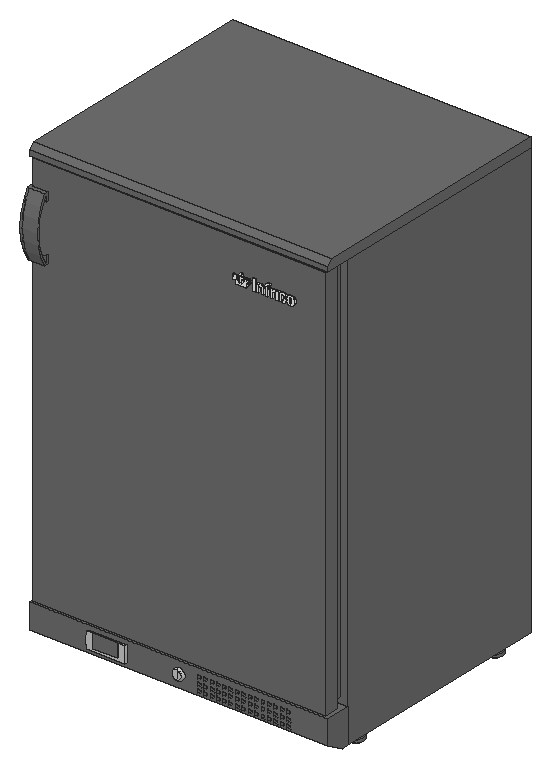
Revit family "QF_INFRICO_ERV15PP_250807090046", category Specialty Equipment, Revit 2021
Family settings
  Round Connector Dimension = Use Diameter
  Part Type = Normal
  OmniClass Number = 23.40.40.14
  OmniClass Title = Food Service Equipment
  Work Plane-Based = No
  Always vertical = Yes
  Cut with Voids When Loaded = No
  Shared = No
  Room Calculation Point = No
Parameters (values of type "ERV15PP")
  Weight [instance] = 60.9991 kg
  Warranty Start Date [instance] = ""
  Warranty Duration [instance] = ""
  Volts [instance] = 230 V
  Volt Free Conn [instance] = no
  URL Recommended Spares List [instance] = ""
  URL Manufacturer [instance] = ""
  URL Cutsheet [instance] = ""
  URL Critical Spares List [instance] = ""
  URL = "www.infrico.com"
  Technical Documentation [instance] = ""
  Tag Number [instance] = ""
  Status [instance] = ""
  Start Up Current [instance] = 0 A
  Specification by User [instance] = ""
  Specification by Manufacturer [instance] = ""
  Sound Level [instance] = ""
  Show Logo [instance] = yes
  Show Clearances [instance] = yes
  Service Life Duration [instance] = ""
  Serial Number [instance] = ""
  Seismic Rating [instance] = ""
  SMACNA No [instance] = ""
  Revision Code [instance] = ""
  Revision [instance] = ""
  Production Year [instance] = ""
  Potential Equalisation [instance] = no
  Point Load [instance] = 0
  Phase [instance] = 1
  Other Equipment Approvals [instance] = ""
  Operational Current [instance] = 0 A
  Number of Poles [instance] = 2
  No Load Power Draw [instance] = no
  NAFEM Spec ID Number [instance] = ""
  Model Warning [instance] = ""
  Model = "ERV15PP"
  Min Ckt Ampacity [instance] = 0 A
  Max Overcurrent Protection [instance] = 0 A
  Masterspec [instance] = ""
  Manufacturer = "INFRICO"
  Main switch integrated [instance] = no
  Length Actual [instance] = 599.948 mm
  Item Number [instance] = ""
  Installed By [instance] = ""
  Installation Date [instance] = ""
  Identify Quantity as Lot [instance] = no
  ID [instance] = ""
  Hygiene Approval [instance] = ""
  Height Actual [instance] = 919.988 mm
  HP power [instance] = ""
  Furnished By [instance] = ""
  Foodservice Equipment Identifier [instance] = no
  FL Amps [instance] = 0 A
  Electrical Remarks [instance] = ""
  Electric power [instance] = 210 W
  Electric Connection Type [instance] = ""
  Elec Conn RI Height [instance] = 0 mm
  Elec Conn Connection Height [instance] = 0 mm
  ETL Approved [instance] = no
  Description = "BACK-BAR 920 MM HEIGHT - ONE DOOR - R290"
  Depth Actual [instance] = 510.032 mm
  Default Elevation = 0 mm
  Cycle [instance] = 50 Hz
  Cost = 0
  Connection to energy optimisation system [instance] = yes
  Conn Plug [instance] = ""
  Conn Conduit [instance] = no
  Centralized building control system with digital interface [instance] = ""
  CSI MasterFormat [instance] = ""
  CE Approved [instance] = no
  Barcode [instance] = 0
  Author [instance] = ""
  Asset Identifier [instance] = ""
  Apparent Power [instance] = 210 VA
  Accessory [instance] = no
Reference planes
  plane 1 "Center (Front/Back)": y = 0
  plane 2: z = 0
  plane 3 "Center (Left/Right)": x = 0
Forms (mm)
  Extrusion 1, solid, not visible
    sketch origin (308.015, -2, 35.002) x (1, 0, 0) y (0, 1, 0)
      loop
        line (-2, 2) -> (-2, -2) -> (2, -2) -> (2, 2) -> (-2, 2)
    from -2 to 2
Dimensions and locks
  locked: Extrusion 1 to nested 2
  locked: nested 2 to Extrusion 1 at 2
  aligned and locked: level to plane 2
Nested families
  nested 1: "QF_INFRICO_ERV15PP_2920" at (0, 0, 0), type "ERV15PP"
    with Weight 60.9991 kg, Warranty Start Date "", Warranty Duration "", URL Cutsheet "", Technical Documentation "", Tag Number "", Status "", Specification by User "", Specification by Manufacturer "", Sound Level "", Solid Fuel Type "", Show Logo yes, Show Clearances yes, Show Clearance yes, Service Life Duration "", Serial Number "", Seismic Rating "", SMACNA No "", Revision Code "", Revision "", Production Year "", Point Load 0, Other Equipment Approvals "", NAFEM Spec ID Number "", Model Warning "", Masterspec "", Length Actual 599.948 mm, Item Number "", Installed By "", Installation Date "", Identify Quantity as Lot yes, ID "", Hygiene Approval "", Height Actual 919.988 mm, Furnished By "", Foodservice Equipment Identifier yes, ETL Approved yes, Depth Actual 510.032 mm, CSI MasterFormat "", CE Approved no, Barcode "", Author "", Asset Identifier "", Accessory no
  nested 2: "CONN_POINT_ELE_2D___Generic_Annotation" at (308.015, 0, 35.002), type "CONN_POINT_ELE_2D___Generic_Annotation"
    with Onboard connection annotation symbol visibility yes
Connectors
  electrical at (308.015, 0, 35.002), driven by "Apparent Power", driven by "Number of Poles", driven by "Volts"
    settings: on Extrusion 1, index 1, voltage 230 V, apparent load 0 VA, apparent load phase1 210 VA, apparent load phase2 0 VA, apparent load phase3 0 VA, power factor 1, load classification "Other", number of poles 2, system type 31, power factor state 1, is connector primary yes, connector utility no, sub classification motor no, connector description "Electrical connection for ERV15PP"
Definition of nested family "QF_INFRICO_ERV15PP_2920"
  Parameters (values of type "ERV15PP")
    Weight [instance] = 0.00 kg
    Warranty Start Date [instance] = ""
    Warranty Duration [instance] = ""
    URL Cutsheet [instance] = ""
    URL = "www.infrico.com"
    Technical Documentation [instance] = ""
    Tag Number [instance] = ""
    Status [instance] = ""
    Specification by User [instance] = ""
    Specification by Manufacturer [instance] = ""
    Sound Level [instance] = ""
    Solid Fuel Type [instance] = ""
    Show Logo [instance] = yes
    Show Clearances [instance] = yes
    Show Clearance [instance] = yes
    Service Life Duration [instance] = ""
    Serial Number [instance] = ""
    Seismic Rating [instance] = ""
    SMACNA No [instance] = ""
    Revision Code [instance] = ""
    Revision [instance] = ""
    Production Year [instance] = ""
    Point Load [instance] = 0
    Other Equipment Approvals [instance] = ""
    NAFEM Spec ID Number [instance] = ""
    Model Warning [instance] = ""
    Model = "ERV15PP"
    Masterspec [instance] = ""
    Manufacturer = "INFRICO"
    Length Actual [instance] = 0 mm
    Item Number [instance] = ""
    Installed By [instance] = ""
    Installation Date [instance] = ""
    Identify Quantity as Lot [instance] = yes
    ID [instance] = ""
    Hygiene Approval [instance] = ""
    Height Actual [instance] = 0 mm
    Furnished By [instance] = ""
    Foodservice Equipment Identifier [instance] = yes
    ETL Approved [instance] = yes
    Description = "BACK-BAR 920 MM HEIGHT - ONE DOOR - R290"
    Depth Actual [instance] = 0 mm
    Default Elevation = 0 mm
    CSI MasterFormat [instance] = ""
    CE Approved [instance] = yes
    Barcode [instance] = ""
    Author [instance] = ""
    Asset Identifier [instance] = ""
    Assembly Code = "E1090320"
    Accessory [instance] = yes
  Reference planes
    plane 1 "Back": y = 0
    plane 2: z = 0
    plane 3 "Left": x = 0
    plane 4 "Right": x = 600
    plane 5 "Front": y = -510
    plane 6 "Top": z = 920
  Forms (mm)
    Extrusion 1, solid
      sketch origin (0, 0, -18) x (0, 1, 0) y (0, 0, 1)
        loop
          line (0, 905) -> (-460, 905) -> (-460, 30) -> (0, 30) -> (0, 905)
      from 0 to 30
    Extrusion 2, solid
      sketch origin (0, 0, -13) x (0, 1, 0) y (0, 0, 1)
        loop
          line (0, 900) -> (0, 920) -> (-500, 920) -> (-510, 910) -> (-510, 900) -> (0, 900)
      from 0 to 600
    Extrusion 3, solid
      sketch origin (570, 0, -18) x (0, 1, 0) y (0, 0, 1)
        loop
          line (0, 905) -> (-460, 905) -> (-460, 30) -> (0, 30) -> (0, 905)
      from 0 to 30
    Extrusion 4, solid
      sketch origin (0, 0, -13) x (1, 0, 0) y (0, 0, 1)
        loop
          line (30, 900) -> (30, 254) -> (570, 254) -> (570, 900) -> (30, 900)
      from 0 to 12
    Extrusion 5, solid
      sketch origin (0, 0, -13) x (1, 0, 0) y (0, 0, 1)
        loop
          line (30, 254) -> (30, 25) -> (570, 25) -> (570, 254) -> (30, 254)
      from 0 to 12
    Extrusion 6, solid
      sketch origin (0, 0, -13) x (0, 1, 0) y (0, 0, 1)
        loop
          line (-12, 25) -> (-12, 35) -> (-460, 35) -> (-460, 25) -> (-12, 25)
      from 30 to 570
    Extrusion 7, solid
      sketch origin (0, 0, -112) x (0, 1, 0) y (0, 0, 1)
        loop
          line (-460, 144) -> (-510, 144) -> (-473, 124) -> (-460, 124) -> (-460, 144)
      from 0 to 600
    Extrusion 8, solid
      sketch origin (-856, -515, -482) x (1, 0, 0) y (0, 0, -1)
        loop
          arc (974, -555) -> (1012.5, -557) -> (1051, -555) r 371.563
          arc (1051, -555) -> (1052, -539) -> (1051, -523) r 128.5
          arc (1051, -523) -> (1012.5, -521) -> (974, -523) r 371.563
          arc (974, -523) -> (973, -539) -> (974, -555) r 128.5
      from 0 to 5
    Extrusion 9, solid
      sketch origin (-856, -515.1, -482) x (1, 0, 0) y (0, 0, -1)
        loop
          line (1038, -528.124) -> (987, -528.124) -> (987, -556.124)
          arc (987, -556.124) -> (1012.5, -557) -> (1038, -556.124) r 371.563
          line (1038, -556.124) -> (1038, -528.124)
      from 0 to 2
    Extrusion 10, solid
      sketch origin (0, -480, -13) x (1, 0, 0) y (0, 0, 1)
        loop
          line (5, 897.5) -> (5, 97.5) -> (595, 97.5) -> (595, 897.5) -> (5, 897.5)
      from 0 to 30
    Extrusion 11, solid
      sketch origin (-1000, -460, -13) x (1, 0, 0) y (0, 0, 1)
        loop
          line (1015, 887.5) -> (1015, 107.5) -> (1585, 107.5) -> (1585, 887.5) -> (1015, 887.5)
        loop
          line (1037, 865.5) -> (1037, 129.5) -> (1563, 129.5) -> (1563, 865.5) -> (1037, 865.5)
      from 0 to 20
    Extrusion 12, solid, visible <- "Show Logo"
      sketch origin (-753.231, -510, 106.214) x (1, 0, 0) y (0, 0, 1)
        loop
          line (1208.799, 696.53) -> (1208.799, 719.204) -> (1204.173, 719.204) -> (1204.173, 696.53) -> (1208.799, 696.53)
        loop
          line (1214.779, 713.006) -> (1211.283, 713.006) -> (1211.283, 696.53) -> (1215.772, 696.53) -> (1215.772, 707.832)
          arc (1215.772, 707.832) -> (1217.528, 708.741) -> (1219.417, 709.324) r 11.052
          arc (1219.417, 709.324) -> (1220.929, 708.961) -> (1221.598, 707.557) r 1.806
          line (1221.598, 707.557) -> (1221.598, 696.53) -> (1226.121, 696.53) -> (1226.121, 708.689)
          arc (1226.121, 708.689) -> (1224.637, 712.075) -> (1221.141, 713.281) r 4.607
          arc (1221.141, 713.281) -> (1218.282, 712.674) -> (1215.669, 711.361) r 11.435
          line (1215.669, 711.361) -> (1215.601, 712.184)
          arc (1215.601, 712.184) -> (1215.36, 712.765) -> (1214.779, 713.006) r 0.822
        loop
          line (1238.557, 720.102) -> (1237.306, 720.102)
          arc (1237.306, 720.102) -> (1235.052, 719.926) -> (1232.881, 719.297) r 11.103
          arc (1232.881, 719.297) -> (1230.805, 717.616) -> (1230.024, 715.062) r 4.567
          line (1230.024, 715.062) -> (1230.024, 712.909) -> (1227.351, 712.703) -> (1227.351, 709.374) -> (1230.024, 709.374) -> (1230.024, 696.53) -> (1234.547, 696.53) -> (1234.547, 709.374) -> (1238.249, 709.374) -> (1238.249, 712.938) -> (1234.547, 712.938) -> (1234.547, 714.548)
          arc (1234.547, 714.548) -> (1234.956, 715.705) -> (1236.045, 716.271) r 1.67
          line (1236.045, 716.271) -> (1237.7, 716.399)
          arc (1237.7, 716.399) -> (1238.306, 716.65) -> (1238.557, 717.255) r 0.857
          line (1238.557, 717.255) -> (1238.557, 720.102)
        loop
          line (1239.479, 713.006) -> (1239.479, 696.53) -> (1243.968, 696.53) -> (1243.968, 707.352)
          arc (1243.968, 707.352) -> (1245.873, 708.631) -> (1248.077, 709.268) r 7.435
          line (1248.077, 709.268) -> (1249.241, 709.416)
          arc (1249.241, 709.416) -> (1249.643, 709.758) -> (1249.793, 710.265) r 0.928
          line (1249.793, 710.265) -> (1249.793, 712.458)
          arc (1249.793, 712.458) -> (1249.531, 713.061) -> (1248.912, 713.28) r 0.824
          arc (1248.912, 713.28) -> (1246.197, 712.588) -> (1243.899, 710.984) r 7.833
          line (1243.899, 710.984) -> (1243.726, 713.006) -> (1239.479, 713.006)
        loop
          line (1255.495, 696.53) -> (1255.495, 713.006) -> (1251.006, 713.006) -> (1251.006, 696.53) -> (1255.495, 696.53)
        loop
          arc (1257.421, 701.327) -> (1258.567, 698.188) -> (1261.466, 696.525) r 4.873
          arc (1261.466, 696.525) -> (1264.493, 696.266) -> (1267.521, 696.525) r 17.816
          arc (1267.521, 696.525) -> (1270.575, 699.134) -> (1271.505, 703.041) r 6.481
          line (1271.505, 703.041) -> (1267.187, 703.041) -> (1267.187, 701.67)
          arc (1267.187, 701.67) -> (1266.64, 700.452) -> (1265.442, 699.865) r 1.965
          arc (1265.442, 699.865) -> (1264.547, 699.816) -> (1263.653, 699.865) r 8.196
          arc (1263.653, 699.865) -> (1262.417, 700.415) -> (1261.91, 701.67) r 1.806
          line (1261.91, 701.67) -> (1261.91, 707.9)
          arc (1261.91, 707.9) -> (1262.417, 709.155) -> (1263.653, 709.705) r 1.806
          arc (1263.653, 709.705) -> (1264.547, 709.754) -> (1265.442, 709.705) r 8.196
          arc (1265.442, 709.705) -> (1266.64, 709.118) -> (1267.187, 707.9) r 1.965
          line (1267.187, 707.9) -> (1267.187, 706.838) -> (1271.505, 706.838)
          arc (1271.505, 706.838) -> (1270.524, 710.556) -> (1267.521, 712.959) r 6.132
          arc (1267.521, 712.959) -> (1264.493, 713.294) -> (1261.466, 712.959) r 13.851
          arc (1261.466, 712.959) -> (1258.571, 711.349) -> (1257.421, 708.243) r 4.772
          line (1257.421, 708.243) -> (1257.421, 701.327)
        loop
          arc (1272.916, 701.329) -> (1273.993, 698.345) -> (1276.726, 696.734) r 4.676
          arc (1276.726, 696.734) -> (1278.515, 696.455) -> (1280.318, 696.291) r 28.371
          arc (1280.318, 696.291) -> (1282.122, 696.455) -> (1283.911, 696.734) r 28.371
          arc (1283.911, 696.734) -> (1286.644, 698.345) -> (1287.72, 701.329) r 4.676
          line (1287.72, 701.329) -> (1287.72, 708.242)
          arc (1287.72, 708.242) -> (1286.644, 711.226) -> (1283.911, 712.837) r 4.676
          arc (1283.911, 712.837) -> (1282.122, 713.116) -> (1280.318, 713.28) r 28.371
          arc (1280.318, 713.28) -> (1278.515, 713.116) -> (1276.726, 712.837) r 28.371
          arc (1276.726, 712.837) -> (1273.993, 711.226) -> (1272.916, 708.242) r 4.676
          line (1272.916, 708.242) -> (1272.916, 701.329)
        loop
          line (1277.405, 707.866) -> (1277.405, 701.705)
          arc (1277.405, 701.705) -> (1277.844, 700.556) -> (1278.936, 699.991) r 1.725
          arc (1278.936, 699.991) -> (1279.627, 699.918) -> (1280.318, 699.856) r 46.133
          arc (1280.318, 699.856) -> (1281.01, 699.918) -> (1281.701, 699.991) r 46.133
          arc (1281.701, 699.991) -> (1282.793, 700.556) -> (1283.231, 701.705) r 1.725
          line (1283.231, 701.705) -> (1283.231, 707.866)
          arc (1283.231, 707.866) -> (1282.793, 709.015) -> (1281.701, 709.58) r 1.725
          arc (1281.701, 709.58) -> (1281.01, 709.653) -> (1280.318, 709.716) r 46.133
          arc (1280.318, 709.716) -> (1279.627, 709.653) -> (1278.936, 709.58) r 46.133
          arc (1278.936, 709.58) -> (1277.844, 709.015) -> (1277.405, 707.866) r 1.725
        loop
          arc (1190.339, 696.543) -> (1191.411, 696.987) -> (1191.856, 698.059) r 1.516
          line (1191.856, 698.059) -> (1191.856, 703.891) -> (1196.035, 703.891)
          arc (1196.035, 703.891) -> (1196.79, 704.121) -> (1197.218, 704.782) r 1.147
          line (1197.218, 704.782) -> (1197.218, 706.211)
          arc (1197.218, 706.211) -> (1196.787, 707.258) -> (1195.719, 707.634) r 1.385
          line (1195.719, 707.634) -> (1194.52, 707.634) -> (1197.218, 710.332)
          arc (1197.218, 710.332) -> (1197.605, 711.266) -> (1197.218, 712.2) r 1.321
          line (1197.218, 712.2) -> (1196.495, 712.923)
          arc (1196.495, 712.923) -> (1195.54, 713.338) -> (1194.558, 712.991) r 1.422
          line (1194.558, 712.991) -> (1191.853, 710.286) -> (1191.853, 711.479)
          arc (1191.853, 711.479) -> (1191.443, 712.516) -> (1190.435, 712.992) r 1.516
          line (1190.435, 712.992) -> (1189.514, 712.992)
          arc (1189.514, 712.992) -> (1188.511, 712.514) -> (1188.103, 711.479) r 1.516
          line (1188.103, 711.479) -> (1188.103, 706.83) -> (1182.073, 701.336) -> (1182.073, 707.509) -> (1185.639, 711.075)
          arc (1185.639, 711.075) -> (1186.053, 712.073) -> (1185.639, 713.071) r 1.412
          line (1185.639, 713.071) -> (1184.987, 713.723)
          arc (1184.987, 713.723) -> (1183.939, 714.141) -> (1182.915, 713.667) r 1.428
          line (1182.915, 713.667) -> (1182.073, 712.825) -> (1182.073, 717.784)
          arc (1182.073, 717.784) -> (1181.658, 718.787) -> (1180.655, 719.203) r 1.418
          line (1180.655, 719.203) -> (1179.726, 719.203)
          arc (1179.726, 719.203) -> (1178.723, 718.787) -> (1178.308, 717.784) r 1.418
          line (1178.308, 717.784) -> (1178.308, 712.825) -> (1177.466, 713.667)
          arc (1177.466, 713.667) -> (1176.442, 714.141) -> (1175.394, 713.723) r 1.428
          line (1175.394, 713.723) -> (1174.742, 713.071)
          arc (1174.742, 713.071) -> (1174.328, 712.073) -> (1174.742, 711.075) r 1.412
          line (1174.742, 711.075) -> (1178.308, 707.509) -> (1178.308, 701.336) -> (1172.278, 706.83) -> (1172.278, 711.479)
          arc (1172.278, 711.479) -> (1171.87, 712.514) -> (1170.867, 712.992) r 1.516
          line (1170.867, 712.992) -> (1169.946, 712.992)
          arc (1169.946, 712.992) -> (1168.938, 712.516) -> (1168.528, 711.479) r 1.516
          line (1168.528, 711.479) -> (1168.528, 710.286) -> (1165.823, 712.991)
          arc (1165.823, 712.991) -> (1164.841, 713.338) -> (1163.886, 712.923) r 1.422
          line (1163.886, 712.923) -> (1163.163, 712.2)
          arc (1163.163, 712.2) -> (1162.776, 711.266) -> (1163.163, 710.332) r 1.321
          line (1163.163, 710.332) -> (1165.861, 707.634) -> (1164.662, 707.634)
          arc (1164.662, 707.634) -> (1163.594, 707.258) -> (1163.163, 706.211) r 1.385
          line (1163.163, 706.211) -> (1163.163, 704.782)
          arc (1163.163, 704.782) -> (1163.591, 704.121) -> (1164.346, 703.891) r 1.147
          line (1164.346, 703.891) -> (1168.525, 703.891) -> (1168.525, 698.059)
          arc (1168.525, 698.059) -> (1168.969, 696.987) -> (1170.042, 696.543) r 1.516
          line (1170.042, 696.543) -> (1190.339, 696.543)
      from 0 to 2
    Extrusion 13, solid
      sketch origin (-1000, -510, -63) x (1, 0, 0) y (0, 0, 1)
        loop
          line (1005, 897.5) -> (1005, 895.5) -> (1037, 880.5) -> (1037, 897.5) -> (1005, 897.5)
      from 0 to 3
    Extrusion 14, solid
      sketch origin (-1000, -510, 1602) x (1, 0, 0) y (0, 0, 1)
        loop
          line (1005, -897.5) -> (1037, -897.5) -> (1037, -880.5) -> (1005, -895.5) -> (1005, -897.5)
      from 0 to 3
    Extrusion 15, solid
      sketch origin (-1000, 0, -13) x (0, 1, 0) y (0, 0, 1)
        loop
          line (-513, 845.5) -> (-513, 847.5) -> (-518.104, 847.5)
          arc (-518.104, 847.5) -> (-537.038, 782.5) -> (-518.104, 717.5) r 121.038
          line (-518.104, 717.5) -> (-513, 717.5) -> (-513, 719.5) -> (-517, 719.5)
          arc (-517, 719.5) -> (-535.038, 782.5) -> (-517, 845.5) r 119.038
          line (-517, 845.5) -> (-513, 845.5)
      from 1005 to 1037
    Extrusion 16, solid
      sketch origin (-1000, 0, 584.5) x (1, 0, 0) y (0, 1, 0)
        loop
          line (1005, -513) -> (1005, -487) -> (1002, -490) -> (1002, -513) -> (1005, -513)
      from 120 to 250
    Extrusion 17, solid
      sketch origin (-1000, 0, -13) x (0, 1, 0) y (0, 0, 1)
        loop
          line (-513, 847.5) -> (-518.104, 847.5)
          arc (-518.104, 847.5) -> (-537.038, 782.5) -> (-518.104, 717.5) r 121.038
          line (-518.104, 717.5) -> (-513, 717.5) -> (-513, 847.5)
      from 1002 to 1005
    Revolve 18, solid
      sketch origin (15, -70, 0) x (0, 1, 0) y (0, 0, 1)
        loop
          line (0, 0) -> (0, 12) -> (-5, 12) -> (-5, 9.5) -> (-13, 9.5)
          arc (-13, 9.5) -> (-14.414, 8.914) -> (-15, 7.5) r 2
          line (-15, 7.5) -> (-15, 2.5) -> (-12, 2.5) -> (-12, 0) -> (0, 0)
        axis (0, 0) -> (0, 12)
      angle from 0 to 360
    Revolve 19, solid
      sketch origin (15, -420, 0) x (0, 1, 0) y (0, 0, 1)
        loop
          line (0, 0) -> (0, 12) -> (-5, 12) -> (-5, 9.5) -> (-13, 9.5)
          arc (-13, 9.5) -> (-14.414, 8.914) -> (-15, 7.5) r 2
          line (-15, 7.5) -> (-15, 2.5) -> (-12, 2.5) -> (-12, 0) -> (0, 0)
        axis (0, 0) -> (0, 12)
      angle from 0 to 360
    Revolve 20, solid
      sketch origin (585, -70, 0) x (0, 1, 0) y (0, 0, 1)
        loop
          line (0, 0) -> (0, 12) -> (-5, 12) -> (-5, 9.5) -> (-13, 9.5)
          arc (-13, 9.5) -> (-14.414, 8.914) -> (-15, 7.5) r 2
          line (-15, 7.5) -> (-15, 2.5) -> (-12, 2.5) -> (-12, 0) -> (0, 0)
        axis (0, 0) -> (0, 12)
      angle from 0 to 360
    Revolve 21, solid
      sketch origin (585, -420, 0) x (0, 1, 0) y (0, 0, 1)
        loop
          line (0, 0) -> (0, 12) -> (-5, 12) -> (-5, 9.5) -> (-13, 9.5)
          arc (-13, 9.5) -> (-14.414, 8.914) -> (-15, 7.5) r 2
          line (-15, 7.5) -> (-15, 2.5) -> (-12, 2.5) -> (-12, 0) -> (0, 0)
        axis (0, 0) -> (0, 12)
      angle from 0 to 360
    Revolve 22, solid
      sketch origin (300, 0, 13.5) x (0, 1, 0) y (0, 0, 1)
        loop
          line (-515, 34.5) -> (-510, 32) -> (-510, 43.5) -> (-515, 43.5) -> (-515, 34.5)
        axis (-510, 43.5) -> (-515, 43.5)
      angle from 0 to 360
    Extrusion 23, solid
      sketch origin (0, 0, 0) x (0, 1, 0) y (0, 0, 1)
        loop
          line (-460, 887) -> (-460, 837) -> (-458, 837) -> (-458, 887) -> (-460, 887)
      from 30 to 570
    Extrusion 24, solid
      sketch origin (0, 0, -815) x (0, 1, 0) y (0, 0, 1)
        loop
          line (-460, 947) -> (-460, 837) -> (-458, 837) -> (-458, 947) -> (-460, 947)
      from 30 to 570
    Extrusion 25, solid, visible <- "Show Clearance", detail levels coarse
      sketch origin (600, 0, 0) x (-1, 0, 0) y (0, -1, 0)
        loop
          line (5, 510) -> (595, 510)
          arc (595, 510) -> (430.98, 905.98) -> (35, 1070) r 560
          line (35, 1070) -> (5, 1070) -> (5, 510)
      from 84.5 to 884.5
    Extrusion 26, solid
      sketch origin (-1000, 0, 0) x (1, 0, 0) y (0, 0, 1)
        loop
          line (1000, 82) -> (1000, 32) -> (1600, 32) -> (1600, 82) -> (1000, 82)
        loop
          line (1388, 70) -> (1388, 62) -> (1396, 62) -> (1396, 70) -> (1388, 70)
        loop
          line (1401, 70) -> (1401, 62) -> (1409, 62) -> (1409, 70) -> (1401, 70)
        loop
          line (1414, 70) -> (1414, 62) -> (1422, 62) -> (1422, 70) -> (1414, 70)
        loop
          line (1427, 70) -> (1427, 62) -> (1435, 62) -> (1435, 70) -> (1427, 70)
        loop
          line (1440, 70) -> (1440, 62) -> (1448, 62) -> (1448, 70) -> (1440, 70)
        loop
          line (1453, 70) -> (1453, 62) -> (1461, 62) -> (1461, 70) -> (1453, 70)
        loop
          line (1466, 70) -> (1466, 62) -> (1474, 62) -> (1474, 70) -> (1466, 70)
        loop
          line (1479, 70) -> (1479, 62) -> (1487, 62) -> (1487, 70) -> (1479, 70)
        loop
          line (1492, 70) -> (1492, 62) -> (1500, 62) -> (1500, 70) -> (1492, 70)
        loop
          line (1505, 70) -> (1505, 62) -> (1513, 62) -> (1513, 70) -> (1505, 70)
        loop
          line (1518, 70) -> (1518, 62) -> (1526, 62) -> (1526, 70) -> (1518, 70)
        loop
          line (1338.062, 70) -> (1338.062, 62) -> (1346.062, 62) -> (1346.062, 70) -> (1338.062, 70)
        loop
          line (1351.062, 70) -> (1351.062, 62) -> (1359.062, 62) -> (1359.062, 70) -> (1351.062, 70)
        loop
          line (1364.062, 70) -> (1364.062, 62) -> (1372.062, 62) -> (1372.062, 70) -> (1364.062, 70)
        loop
          line (1377.062, 70) -> (1377.062, 62) -> (1385.062, 62) -> (1385.062, 70) -> (1377.062, 70)
        loop
          line (1388, 57) -> (1388, 49) -> (1396, 49) -> (1396, 57) -> (1388, 57)
        loop
          line (1401, 57) -> (1401, 49) -> (1409, 49) -> (1409, 57) -> (1401, 57)
        loop
          line (1414, 57) -> (1414, 49) -> (1422, 49) -> (1422, 57) -> (1414, 57)
        loop
          line (1427, 57) -> (1427, 49) -> (1435, 49) -> (1435, 57) -> (1427, 57)
        loop
          line (1440, 57) -> (1440, 49) -> (1448, 49) -> (1448, 57) -> (1440, 57)
        loop
          line (1453, 57) -> (1453, 49) -> (1461, 49) -> (1461, 57) -> (1453, 57)
        loop
          line (1466, 57) -> (1466, 49) -> (1474, 49) -> (1474, 57) -> (1466, 57)
        loop
          line (1479, 57) -> (1479, 49) -> (1487, 49) -> (1487, 57) -> (1479, 57)
        loop
          line (1492, 57) -> (1492, 49) -> (1500, 49) -> (1500, 57) -> (1492, 57)
        loop
          line (1505, 57) -> (1505, 49) -> (1513, 49) -> (1513, 57) -> (1505, 57)
        loop
          line (1518, 57) -> (1518, 49) -> (1526, 49) -> (1526, 57) -> (1518, 57)
        loop
          line (1338.062, 57) -> (1338.062, 49) -> (1346.062, 49) -> (1346.062, 57) -> (1338.062, 57)
        loop
          line (1351.062, 57) -> (1351.062, 49) -> (1359.062, 49) -> (1359.062, 57) -> (1351.062, 57)
        loop
          line (1364.062, 57) -> (1364.062, 49) -> (1372.062, 49) -> (1372.062, 57) -> (1364.062, 57)
        loop
          line (1377.062, 57) -> (1377.062, 49) -> (1385.062, 49) -> (1385.062, 57) -> (1377.062, 57)
        loop
          line (1388, 44) -> (1388, 36) -> (1396, 36) -> (1396, 44) -> (1388, 44)
        loop
          line (1401, 44) -> (1401, 36) -> (1409, 36) -> (1409, 44) -> (1401, 44)
        loop
          line (1414, 44) -> (1414, 36) -> (1422, 36) -> (1422, 44) -> (1414, 44)
        loop
          line (1427, 44) -> (1427, 36) -> (1435, 36) -> (1435, 44) -> (1427, 44)
        loop
          line (1440, 44) -> (1440, 36) -> (1448, 36) -> (1448, 44) -> (1440, 44)
        loop
          line (1453, 44) -> (1453, 36) -> (1461, 36) -> (1461, 44) -> (1453, 44)
        loop
          line (1466, 44) -> (1466, 36) -> (1474, 36) -> (1474, 44) -> (1466, 44)
        loop
          line (1479, 44) -> (1479, 36) -> (1487, 36) -> (1487, 44) -> (1479, 44)
        loop
          line (1492, 44) -> (1492, 36) -> (1500, 36) -> (1500, 44) -> (1492, 44)
        loop
          line (1505, 44) -> (1505, 36) -> (1513, 36) -> (1513, 44) -> (1505, 44)
        loop
          line (1518, 44) -> (1518, 36) -> (1526, 36) -> (1526, 44) -> (1518, 44)
        loop
          line (1338.062, 44) -> (1338.062, 36) -> (1346.062, 36) -> (1346.062, 44) -> (1338.062, 44)
        loop
          line (1351.062, 44) -> (1351.062, 36) -> (1359.062, 36) -> (1359.062, 44) -> (1351.062, 44)
        loop
          line (1364.062, 44) -> (1364.062, 36) -> (1372.062, 36) -> (1372.062, 44) -> (1364.062, 44)
        loop
          line (1377.062, 44) -> (1377.062, 36) -> (1385.062, 36) -> (1385.062, 44) -> (1377.062, 44)
      from 460 to 510
  Cuts and joins
    joined: Extrusion 13, Extrusion 14, Extrusion 15, Extrusion 16, Extrusion 17
    joined: Extrusion 7, Extrusion 26
  Lines and regions (mm)
    symbolic lines
      curve 1: line (0, 0, 0) -> (600, 0, 0)
      curve 2: line (0, -510, 0) -> (0, 0, 0)
      curve 3: line (600, -510, 0) -> (0, -510, 0)
      curve 4: line (600, 0, 0) -> (600, -510, 0)
      curve 5: line (0, -500, 0) -> (600, -500, 0)
    symbolic lines, visible <- "Show Clearance"
      curve 6: arc (5, -510, 0) -> (169.02, -905.98, 0) -> (565, -1070, 0) r 560
      curve 7: line (565, -1070, 0) -> (595, -1070, 0)
      curve 8: line (595, -1070, 0) -> (595, -510, 0)
  Dimensions and locks
    plane 1 "Back" to plane 5 "Front" = 510 mm  (x2)
    plane 3 "Left" to plane 4 "Right" = 600 mm
    plane 6 "Top" to level = 920 mm  (x2)
    plane 4 "Right" to plane 3 "Left" = 600 mm
    aligned and locked: level to plane 2
Definition of nested family "CONN_POINT_ELE_2D___Generic_Annotation"
  Parameters (values of type "CONN_POINT_ELE_2D___Generic_Annotation")
    Onboard connection annotation symbol visibility [instance] = yes
  Reference planes
    plane 1: y = 0
    plane 2: x = 0
  Lines and regions (mm)
    detail lines, visible <- "Onboard connection annotation symbol visibility"
      curve 1: circle (0, 0, 0) r 0.5 normal (0, 0, 1)
      curve 2: line (-1, 0, 0) -> (1, 0, 0)
      curve 3: line (0, 1, 0) -> (0, -1, 0)
      curve 4: line (2.5, 1, 0) -> (1.25, 1, 0)
      curve 5: line (1.25, 1, 0) -> (1.25, -1, 0)
      curve 6: line (1.25, -1, 0) -> (2.5, -1, 0)
      curve 7: line (1.25, 0, 0) -> (2, 0, 0)
